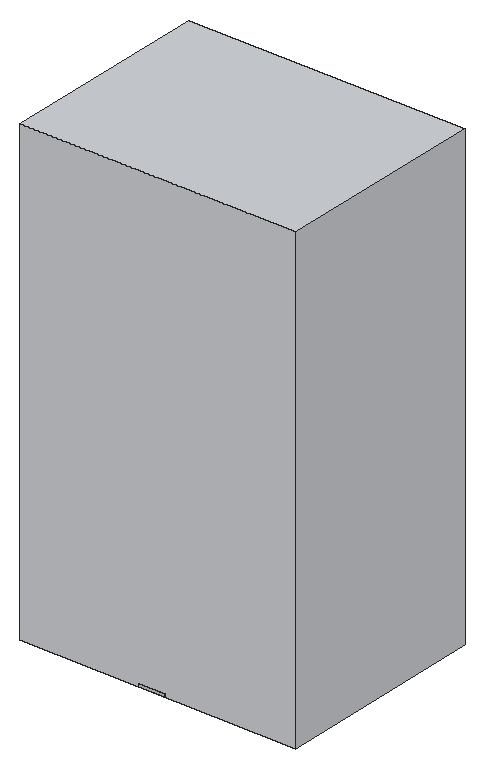
Revit family
Parameters
  Warranty Duration (Years) = 0
  URL = "http://www.americanspecialties.com/viewCategories.cfm"
  Trim Material = Plastic 2
  Test Data = ""
  Specification = "http://www.arcat.com/sdspecs/htm/10810asi.htm"
  SpecWizard = ""
  Send Message = "http://www.arcat.com/users.pl?action=UserEmail&company=American%20Specialties,%20Inc.&coid=30448&rep=139&fax=914-476-0688&mf="
  Sales Information = "http://www.americanspecialties.com/contact"
  Revision = "R1_10-2010"
  Product Properties = "http://www.americanspecialties.com/datasheets/0347.pdf"
  Product Data = "http://www.arcat.com/arcatcos/cos30/arc30448.html"
  Model = "As Specified in 10 28 13"
  Manufacturer Website = "http://www.americanspecialties.com/viewCategories.cfm"
  Manufacturer Phone - Toll Free = ""
  Manufacturer Phone = "914-476-9000 "
  Manufacturer Fax = "914-476-0688"
  Manufacturer Address = "441 Saw Mill River Rd., Yonkers, NY 10701"
  Manufacturer = "American Specialties, Inc."
  Maintenance Schedule (Months) = 0
  Keynote = "10 28 13"
  Installation-Fabrication = "http://www.americanspecialties.com/products.cfm"
  Green Building-LEED = ""
  Expected Lifespan (Years) = 0
  Drawn By = "Robert S. Weygant. CSI, CDT, SCIP"  # constant formula
  Description = "Toilet Accessory as Specified in 10 28 13"
  Default Elevation = 4' - 0"
  Copyright = "©Arcat Inc."
  Construction Details = "http://www.arcat.com/green/clients/leed_data_30448.html"
  Building Codes = "http://www.americanspecialties.com/products.cfm"
  Body Material = Metal - Stainless Steel
  Assembly Code = "C1030210"
Reference planes (in)
  plane 1 "Center (Front/Back)": y = -0.29112
  plane 2 "Floor Line": z = 0
  plane 3 "Center (Left/Right)": x = -0.65843
  plane 4: z = 52.69336
  plane 5: z = 48
  plane 6: z = 57.38672
Forms (in)
  Extrusion 1, solid
    sketch origin (-3, -9, -6) x (0, 0, -1) y (1, 0, 0)
      loop
        line (-82, 26) -> (-82, -19.34712) -> (-6, -19.34712) -> (-6, 26) -> (-82, 26)
    from 9 to -25.60721
  Sweep 2, solid, material "Metal - Stainless Steel" <- "Body Material"
    path origin (15.24782, -14.56433, 0) x (0, -1, 0) y (1, 0, 0)
      loop
        line (-4.75218, -13.8125) -> (-4.75218, -18) -> (3.43532, -18) -> (3.43532, -13.8125) -> (-4.75218, -13.8125)
    profile origin (1.43532, -13.90589, 0) x (1, 0, 0) y (0, 0, 1)
      loop
        line (0.00036, 0) -> (0.00036, 0.5)
        arc (0.00036, 0.5) -> (-0.10567, 0.54392) -> (-0.14959, 0.64995) r 0.14995
        line (-0.14959, 0.64995) -> (-0.14959, 2.85156)
        arc (-0.14959, 2.85156) -> (-0.19307, 2.95652) -> (-0.29803, 3) r 0.14844
        line (-0.29803, 3) -> (-0.52444, 3) -> (-0.52444, 0) -> (0.00036, 0)
  Extrusion 3, solid, material "Metal - Stainless Steel" <- "Body Material"
    sketch origin (15.24782, -14.56433, 0) x (0, -1, 0) y (1, 0, 0)
      loop
        line (-4.22774, -14.33702) -> (-4.22774, -17.47556) -> (2.91086, -17.47556) -> (2.91086, -14.33702) -> (-4.22774, -14.33702)
    from 0 to 3
  Extrusion 4, solid, material "Plastic 2" <- "Trim Material"
    sketch origin (0, -0.11512, 0) x (1, 0, 0) y (0, 0, 1)
      loop
        line (-1.57759, 3.32864) -> (0.26072, 3.32864) -> (0.26072, 3.65744)
        arc (0.26072, 3.65744) -> (-0.65843, 3.93375) -> (-1.57759, 3.65744) r 1.66696
        line (-1.57759, 3.65744) -> (-1.57759, 3.32864)
    from 16.01216 to 17.2348
  Extrusion 5, solid, material "Plastic 2" <- "Trim Material"
    sketch origin (0, -0.11512, 0) x (1, 0, 0) y (0, 0, 1)
      loop
        line (-0.65843, 3.00018) -> (-0.04576, 3.00018)
        arc (-0.04576, 3.00018) -> (-0.00576, 3.04018) -> (-0.04576, 3.08018) r 0.04
        line (-0.04576, 3.08018) -> (-0.10061, 3.08018) -> (-0.10061, 3.32864) -> (-1.21626, 3.32864) -> (-1.21626, 3.08018) -> (-1.27111, 3.08018)
        arc (-1.27111, 3.08018) -> (-1.31111, 3.04018) -> (-1.27111, 3.00018) r 0.04
        line (-1.27111, 3.00018) -> (-0.65843, 3.00018)
    from 16.14786 to 17.10811
  Blend 6, solid, material "Plastic 2" <- "Trim Material"
    base sketch origin (0, 0.35132, 0) x (1, 0, 0) y (0, 1, 0)
      loop
        circle (-0.65843, -15.83515) r 0.35064
    top sketch origin (0, 0.35132, 0) x (1, 0, 0) y (0, 1, 0)
      loop
        circle (-0.65843, -15.83515) r 0.25
    from 3.00018 to 3.08018
  Extrusion 7, void
    sketch origin (0, 0.176, 0) x (1, 0, 0) y (0, 1, 0)
      loop
        arc (-0.91971, -16.68965) -> (-0.99153, -16.7194) -> (-1.02127, -16.79121) r 0.10156
        line (-1.02127, -16.79121) -> (-1.02127, -17.06078)
        arc (-1.02127, -17.06078) -> (-0.99153, -17.1326) -> (-0.91971, -17.16235) r 0.10156
        line (-0.91971, -17.16235) -> (-0.37284, -17.16235)
        arc (-0.37284, -17.16235) -> (-0.30102, -17.1326) -> (-0.27127, -17.06078) r 0.10156
        line (-0.27127, -17.06078) -> (-0.27127, -16.79121)
        arc (-0.27127, -16.79121) -> (-0.30102, -16.7194) -> (-0.37284, -16.68965) r 0.10156
        line (-0.37284, -16.68965) -> (-0.91971, -16.68965)
    from 3.87173 to 3.96113
  Extrusion 8, void
    sketch origin (-0.65843, 0, 0) x (0, 1, 0) y (0, 0, 1)
      loop
        line (-16.39743, 3.19053) -> (-16.39743, 3.32864) -> (-17.07976, 3.32864) -> (-17.07976, 3.19053) -> (-16.39743, 3.19053)
    from -0.91916 to 0.91916
Cuts and joins
  joined: Sweep 2, Extrusion 3
  Extrusion 7, Extrusion 8 cuts Extrusion 4
  Extrusion 8 cuts Extrusion 5
Dimensions and locks (in)
  equal spacing: plane 6, plane 4, plane 5
  locked: plane 6 to plane 5 at 9.38672
  "Default Elevation": plane 5 to plane 2 "Floor Line"
  aligned and locked: Extrusion 1 to level
  aligned and locked: Extrusion 4 to Extrusion 5 sketch curve
  aligned and locked: Blend 6 to Extrusion 5
  aligned and locked: Extrusion 5 to Blend 6
  aligned and locked: cut or joined group of Extrusion 4, Extrusion 7, Extrusion 8 to Extrusion 8
Automatic sketch dimensions
  Extrusion 1 sketch curve to Extrusion 1 sketch curve = 6' - 4"
  Extrusion 1 sketch curve to Extrusion 1 sketch curve = 3' - 9.34712"
  Extrusion 4 sketch curve to plane 3 "Center (Left/Right)" = 0' - 0"
  Extrusion 4 sketch curve to plane 3 "Center (Left/Right)" = 0' - 0.91916"
  plane 3 "Center (Left/Right)" to Extrusion 4 sketch curve = 0' - 0.91916"
  level to Extrusion 4 sketch curve = 0' - 2.2668"
  Extrusion 4 sketch curve to Extrusion 4 sketch curve = 0' - 1.06185"
  Extrusion 4 sketch curve to Extrusion 4 sketch curve = 0' - 0.3288"
  Extrusion 5 sketch curve to plane 3 "Center (Left/Right)" = 0' - 0"
  Extrusion 5 sketch curve to plane 3 "Center (Left/Right)" = 0' - 0.55783"
  Extrusion 5 sketch curve to Extrusion 5 sketch curve = 0' - 0.05484"  (x2)
  plane 3 "Center (Left/Right)" to Extrusion 5 sketch curve = 0' - 0.55783"
  Extrusion 5 sketch curve to Extrusion 5 sketch curve = 0' - 0.24846"  (x2)
  Extrusion 5 sketch curve to Extrusion 5 sketch curve = 0' - 0.04"
  Blend 6 sketch curve to plane 3 "Center (Left/Right)" = 0' - 0"  (x2)
  plane 1 "Center (Front/Back)" to Blend 6 sketch curve = 1' - 3.19272"  (x2)
  Extrusion 7 sketch curve to plane 3 "Center (Left/Right)" = 0' - 0.36284"
  Extrusion 7 sketch curve to Extrusion 7 sketch curve = 0' - 0 13/128"  (x3)
  plane 3 "Center (Left/Right)" to Extrusion 7 sketch curve = 0' - 0.2856"  (x2)
  plane 1 "Center (Front/Back)" to Extrusion 7 sketch curve = 1' - 4.69523"
  Extrusion 7 sketch curve to Extrusion 7 sketch curve = 0' - 0.26957"
  level to Extrusion 8 sketch curve = 0' - 3.19053"
  plane 1 "Center (Front/Back)" to Extrusion 8 sketch curve = 1' - 4.78865"
  Extrusion 8 sketch curve to Extrusion 8 sketch curve = 0' - 0.68233"
  Extrusion 8 sketch curve to Extrusion 8 sketch curve = 0' - 0.13811"
  Sweep 2 sketch curve to plane 3 "Center (Left/Right)" = 0' - 2 3/32"
  plane 1 "Center (Front/Back)" to Sweep 2 sketch curve = 0' - 9.52103"
  Sweep 2 sketch curve to Sweep 2 sketch curve = 0' - 8 3/16"
  Sweep 2 sketch curve to level = 0' - 0"
  profile plane to Sweep 2 sketch curve = 0' - 0.52444"
  Sweep 2 sketch curve to Sweep 2 sketch curve = 0' - 0.22641"
  profile plane to Sweep 2 sketch curve = 0' - 0.14959"
  Sweep 2 sketch curve to profile plane = 0' - 0.00036"
  level to Sweep 2 sketch curve = 0' - 0 1/2"
  Sweep 2 sketch curve to Sweep 2 sketch curve = 0' - 2.20161"
  Extrusion 3 sketch curve to plane 3 "Center (Left/Right)" = 0' - 1.56931"
  plane 1 "Center (Front/Back)" to Extrusion 3 sketch curve = 0' - 10.04547"
  Extrusion 3 sketch curve to Extrusion 3 sketch curve = 0' - 7.1386"
  Extrusion 3 sketch curve to Extrusion 3 sketch curve = 0' - 3.13854"
  plane 3 "Center (Left/Right)" to Sweep 2 sketch curve = 0' - 2 3/32"
  radius of Blend 6 sketch curve = 0' - 0.35064"
  radius of Blend 6 sketch curve = 0' - 0 1/4"
